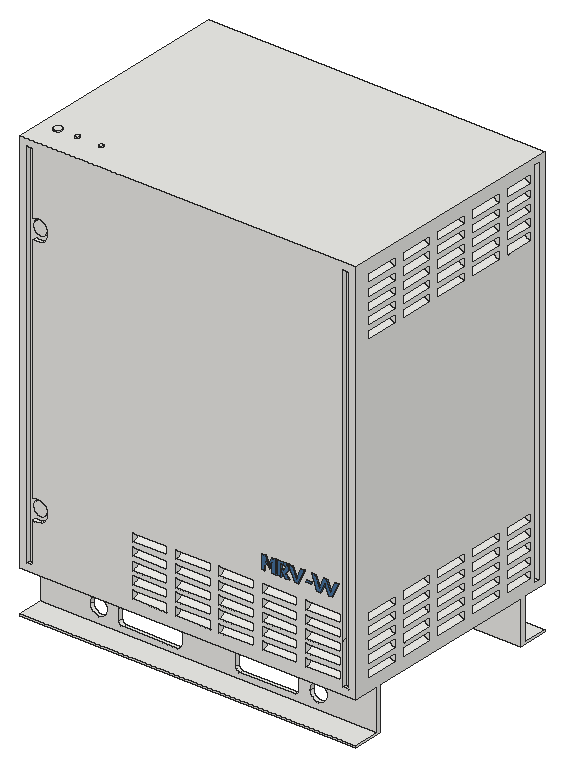
Revit family "bimlib_narujnyeblokisistemakondicionirovaniya_mrv-w_haier", category Оборудование, Revit 2020
Family settings
  Размер круглого соединителя = Использовать диаметр
  Тип детали = Нормальный
  На основе рабочей плоскости = Нет
  Всегда вертикально = Да
  При загрузке вырезать с полостями = Нет
  Общий = Нет
  Точка расчета площади = Нет
Parameters (values of type "AV08IMWEWA_8HP_HAIER")
  Тип компрессора = "DC INV. СПИРАЛ."  # constant formula
  Тип хладагента = "R410A"  # constant formula
  Рабочий диапазон воды_Охлаждение-Обогрев = "7 ~ 45"  # constant formula
  Работа на обогрев = no
  Охлаждение_Номинальный ток = 7.2 A
  Охлаждение_Номинальная потребляемая мощность = 4.5 kW
  Охлаждение_Максимальный ток = 20.79 A
  Охлаждение_Максимальная потребляемая мощность = 13 kW
  Отметка по умолчанию = 0.00 mm
  Обогрев_Номинальный ток = 6.64 A
  Обогрев_Максимальный ток = 20.79 A
  Обогрев_Номинальная потребляемая мощность = 4.15 kW
  Обогрев_Максимальная потребляемая мощность = 13 kW
  Частота тока = 50 Hz  # constant formula
  Холодопроизводительность = 22.4 kW
  Теплопроизводительность = 25 kW
  Изготовитель = [ADSK_Завод-изготовитель]  # "Haier Group"
  Звуковое давление = "50"
  Звуковая мощность = "61"
  Заправка хладагента = 2.00 kg  # constant formula
  Диаметр_Масло = 9.52 mm  # constant formula
  Диаметр_Дренаж = 6.35 mm  # constant formula
  Диаметр_Воды = 32.00 mm  # constant formula
  Видимость_Зона обслуживания [instance] = no
  Watermark [instance] = "Модели защищены уникальным кодом"
  URL = "www.haier.com"
  HG_Расход масла [instance] = 0.0 L/s
  HG_Расход воды = 1.3 L/s
  Диаметр_Жидкость = 9.52 mm
  Диаметр_Газ = 19.05 mm
  HG_URL поставщика = "https://haierproff.ru"
  BL_Разработано = "support@bimlib.pro"
  BL_BIM library = "https://bimlib.pro/manufacturer/company/23806"
  ADSK_Расход жидкости [instance] = 0.0 L/s
  ADSK_Расход воздуха = 12000.0 m³/h
  ADSK_Размер_Ширина = 775.00 mm  # constant formula
  ADSK_Размер_Глубина = 545.00 mm  # constant formula
  ADSK_Размер_Высота = 995.00 mm  # constant formula
  ADSK_Полная мощность = ADSK_Номинальная мощность / ADSK_Коэффициент мощности  # 4500 VA
  ADSK_Обозначение = "MRV-W"  # constant formula
  ADSK_Номинальная мощность = if(Работа на обогрев, Обогрев_Номинальная потребляемая мощность, Охлаждение_Номинальная потребляемая мощность)  # 4500 W
  ADSK_Напряжение = 400 V
  ADSK_Наименование краткое = "VRF-системы MRV-W, 8HP"
  ADSK_Наименование = "Наружный блок VRF-системы кондиционирования MRV-W, 8HP"
  ADSK_Масса = 172  # constant formula
  ADSK_Коэффициент мощности = 1
  ADSK_Количество фаз = 3
  ADSK_Количество = 1  # constant formula
  ADSK_Код изделия = "AV08IMWEWA"
  ADSK_Классификация нагрузок = ОВК
  ADSK_Завод-изготовитель = "Haier Group"  # constant formula
  ADSK_Единица измерения = "шт."  # constant formula
  ADSK_Группирование = "VRF-системы MRV-W"  # constant formula
  ADSK_Версия Revit = "2017"  # constant formula
  ADSK_URL страницы изделия = "https://haierproff.ru/material/cond/tech/products/multizonalnie_sistemy_vrf/mrv_V"
  ADSK_URL документации изделия = "https://haierproff.ru/material/cond/tech/products/multizonalnie_sistemy_vrf/mrv_V"
Reference planes
  plane 1 "По центру (Вперед/Назад)": y = 0
  plane 2: z = 0
  plane 3 "По центру (Влево/Вправо)": x = 0
  plane 4: x = -387.5
  plane 5: x = 387.5
  plane 6: y = 272.5
  plane 7: y = -272.5
  plane 8: z = 995
  plane 9: z = 100
  plane 10 "1": y = 272.5
  plane 11: x = -287.5
  plane 12: z = 1370.593
  plane 13 "2": z = 210
  plane 14: y = 172.5
  plane 15 "3": z = 350
  plane 16 "4": z = 120
  plane 17: y = -172.5
  plane 18 "5": z = 994
  plane 19: x = -420
  plane 20: x = 420
  plane 21: z = 5
  plane 22: y = 273.5
Forms (mm)
  Extrusion 1, solid, material "BIMLIB_Белый_Haier", detail levels medium+fine
    sketch origin (0, 0, 0) x (1, 0, 0) y (0, 1, 0)
      loop
        line (-387.5, 272.5) -> (-387.5, -272.5) -> (387.5, -272.5) -> (387.5, 272.5) -> (-387.5, 272.5)
    from 0 to 994
  Extrusion 2, void
    sketch origin (0, 0, 0) x (1, 0, 0) y (0, 1, 0)
      loop
        line (-387.5, 202.5) -> (-387.5, -202.5) -> (387.5, -202.5) -> (387.5, 202.5) -> (-387.5, 202.5)
    from 0 to 100
  Extrusion 3, void, detail levels medium+fine
    sketch origin (-387.5, 272.5, 0) x (-1, 0, 0) y (0, 0, -1)
      loop
        line (-785.654, -100) -> (10, -100) -> (10, -5) -> (-785.654, -5) -> (-785.654, -100)
    from 57.57 to 0
  Extrusion 4, void, detail levels medium+fine
    sketch origin (-387.5, 272.5, -45) x (-1, 0, 0) y (0, 0, -1)
      loop
        line (-775, -145) -> (0, -145) -> (0, -50) -> (-775, -50) -> (-775, -145)
    from 483.942 to 545
  Extrusion 5, void
    sketch origin (387.5, -272.5, 0) x (1, 0, 0) y (0, 0, -1)
      loop
        arc (-190, -62.392) -> (-182.929, -59.463) -> (-180, -52.392) r 10
        line (-180, -52.392) -> (-180, -27.392)
        arc (-180, -27.392) -> (-182.929, -20.321) -> (-190, -17.392) r 10
        line (-190, -17.392) -> (-315.997, -17.392)
        arc (-315.997, -17.392) -> (-323.068, -20.321) -> (-325.997, -27.392) r 10
        line (-325.997, -27.392) -> (-325.997, -52.392)
        arc (-325.997, -52.392) -> (-323.068, -59.463) -> (-315.997, -62.392) r 10
        line (-315.997, -62.392) -> (-190, -62.392)
      loop
        circle (-133.805, -39.902) r 20
      loop
        line (-585, -62.392) -> (-459.003, -62.392)
        arc (-459.003, -62.392) -> (-451.932, -59.463) -> (-449.003, -52.392) r 10
        line (-449.003, -52.392) -> (-449.003, -27.392)
        arc (-449.003, -27.392) -> (-451.932, -20.321) -> (-459.003, -17.392) r 10
        line (-459.003, -17.392) -> (-585, -17.392)
        arc (-585, -17.392) -> (-592.071, -20.321) -> (-595, -27.392) r 10
        line (-595, -27.392) -> (-595, -52.392)
        arc (-595, -52.392) -> (-592.071, -59.463) -> (-585, -62.392) r 10
      loop
        circle (-641.195, -39.902) r 20
    from 0 to 545
  Extrusion 6, void
    sketch origin (387.5, 272.5, 634.934) x (1, 0, 0) y (0, 0, 1)
      loop
        line (0, 329.776) -> (-19.333, 329.776)
        arc (-19.333, 329.776) -> (-13.671, 316.105) -> (0, 310.443) r 19.333
        line (0, 310.443) -> (0, 329.776)
    from 40 to 110
  Extrusion 7, void
    sketch origin (387.5, 272.5, 604.934) x (1, 0, 0) y (0, 0, 1)
      loop
        line (0, 329.776) -> (-19.333, 329.776)
        arc (-19.333, 329.776) -> (-13.671, 316.105) -> (0, 310.443) r 19.333
        line (0, 310.443) -> (0, 329.776)
    from 40 to 110
  Extrusion 8, void
    sketch origin (387.5, 272.5, 575.601) x (1, 0, 0) y (0, 0, 1)
      loop
        line (0, 329.776) -> (-19.333, 329.776)
        arc (-19.333, 329.776) -> (-13.671, 316.105) -> (0, 310.443) r 19.333
        line (0, 310.443) -> (0, 329.776)
    from 40 to 110
  Extrusion 9, void
    sketch origin (387.5, 272.5, 546.268) x (1, 0, 0) y (0, 0, 1)
      loop
        line (0, 329.776) -> (-19.333, 329.776)
        arc (-19.333, 329.776) -> (-13.671, 316.105) -> (0, 310.443) r 19.333
        line (0, 310.443) -> (0, 329.776)
    from 40 to 110
  Extrusion 10, void, detail levels fine
    sketch origin (387.5, 272.5, 516.935) x (1, 0, 0) y (0, 0, 1)
      loop
        line (0, 329.776) -> (-19.333, 329.776)
        arc (-19.333, 329.776) -> (-13.671, 316.105) -> (0, 310.443) r 19.333
        line (0, 310.443) -> (0, 329.776)
    from 40 to 110
  Extrusion 11, void
    sketch origin (387.5, 272.5, 634.934) x (1, 0, 0) y (0, 0, 1)
      loop
        line (0, 329.776) -> (-19.333, 329.776)
        arc (-19.333, 329.776) -> (-13.671, 316.105) -> (0, 310.443) r 19.333
        line (0, 310.443) -> (0, 329.776)
    from 130 to 210
  Extrusion 12, void
    sketch origin (387.5, 272.5, 604.934) x (1, 0, 0) y (0, 0, 1)
      loop
        line (0, 329.776) -> (-19.333, 329.776)
        arc (-19.333, 329.776) -> (-13.671, 316.105) -> (0, 310.443) r 19.333
        line (0, 310.443) -> (0, 329.776)
    from 130 to 210
  Extrusion 13, void
    sketch origin (387.5, 272.5, 575.601) x (1, 0, 0) y (0, 0, 1)
      loop
        line (0, 329.776) -> (-19.333, 329.776)
        arc (-19.333, 329.776) -> (-13.671, 316.105) -> (0, 310.443) r 19.333
        line (0, 310.443) -> (0, 329.776)
    from 130 to 210
  Extrusion 14, void
    sketch origin (387.5, 272.5, 546.268) x (1, 0, 0) y (0, 0, 1)
      loop
        line (0, 329.776) -> (-19.333, 329.776)
        arc (-19.333, 329.776) -> (-13.671, 316.105) -> (0, 310.443) r 19.333
        line (0, 310.443) -> (0, 329.776)
    from 130 to 210
  Extrusion 15, void
    sketch origin (387.5, 272.5, 516.935) x (1, 0, 0) y (0, 0, 1)
      loop
        line (0, 329.776) -> (-19.333, 329.776)
        arc (-19.333, 329.776) -> (-13.671, 316.105) -> (0, 310.443) r 19.333
        line (0, 310.443) -> (0, 329.776)
    from 130 to 210
  Extrusion 16, void
    sketch origin (387.5, 272.5, 634.934) x (1, 0, 0) y (0, 0, 1)
      loop
        line (0, 329.776) -> (-19.333, 329.776)
        arc (-19.333, 329.776) -> (-13.671, 316.105) -> (0, 310.443) r 19.333
        line (0, 310.443) -> (0, 329.776)
    from 230 to 310
  Extrusion 17, void
    sketch origin (387.5, 272.5, 604.934) x (1, 0, 0) y (0, 0, 1)
      loop
        line (0, 329.776) -> (-19.333, 329.776)
        arc (-19.333, 329.776) -> (-13.671, 316.105) -> (0, 310.443) r 19.333
        line (0, 310.443) -> (0, 329.776)
    from 230 to 310
  Extrusion 18, void
    sketch origin (387.5, 272.5, 575.601) x (1, 0, 0) y (0, 0, 1)
      loop
        line (0, 329.776) -> (-19.333, 329.776)
        arc (-19.333, 329.776) -> (-13.671, 316.105) -> (0, 310.443) r 19.333
        line (0, 310.443) -> (0, 329.776)
    from 230 to 310
  Extrusion 19, void
    sketch origin (387.5, 272.5, 546.268) x (1, 0, 0) y (0, 0, 1)
      loop
        line (0, 329.776) -> (-19.333, 329.776)
        arc (-19.333, 329.776) -> (-13.671, 316.105) -> (0, 310.443) r 19.333
        line (0, 310.443) -> (0, 329.776)
    from 230 to 310
  Extrusion 20, void
    sketch origin (387.5, 272.5, 516.935) x (1, 0, 0) y (0, 0, 1)
      loop
        line (0, 329.776) -> (-19.333, 329.776)
        arc (-19.333, 329.776) -> (-13.671, 316.105) -> (0, 310.443) r 19.333
        line (0, 310.443) -> (0, 329.776)
    from 230 to 310
  Extrusion 21, void
    sketch origin (387.5, 272.5, 634.934) x (1, 0, 0) y (0, 0, 1)
      loop
        line (0, 329.776) -> (-19.333, 329.776)
        arc (-19.333, 329.776) -> (-13.671, 316.105) -> (0, 310.443) r 19.333
        line (0, 310.443) -> (0, 329.776)
    from 330 to 410
  Extrusion 22, void
    sketch origin (387.5, 272.5, 604.934) x (1, 0, 0) y (0, 0, 1)
      loop
        line (0, 329.776) -> (-19.333, 329.776)
        arc (-19.333, 329.776) -> (-13.671, 316.105) -> (0, 310.443) r 19.333
        line (0, 310.443) -> (0, 329.776)
    from 330 to 410
  Extrusion 23, void
    sketch origin (387.5, 272.5, 575.601) x (1, 0, 0) y (0, 0, 1)
      loop
        line (0, 329.776) -> (-19.333, 329.776)
        arc (-19.333, 329.776) -> (-13.671, 316.105) -> (0, 310.443) r 19.333
        line (0, 310.443) -> (0, 329.776)
    from 330 to 410
  Extrusion 24, void
    sketch origin (387.5, 272.5, 546.268) x (1, 0, 0) y (0, 0, 1)
      loop
        line (0, 329.776) -> (-19.333, 329.776)
        arc (-19.333, 329.776) -> (-13.671, 316.105) -> (0, 310.443) r 19.333
        line (0, 310.443) -> (0, 329.776)
    from 330 to 410
  Extrusion 25, void
    sketch origin (387.5, 272.5, 516.935) x (1, 0, 0) y (0, 0, 1)
      loop
        line (0, 329.776) -> (-19.333, 329.776)
        arc (-19.333, 329.776) -> (-13.671, 316.105) -> (0, 310.443) r 19.333
        line (0, 310.443) -> (0, 329.776)
    from 330 to 410
  Extrusion 26, void
    sketch origin (387.5, 272.5, 634.934) x (1, 0, 0) y (0, 0, 1)
      loop
        line (0, 329.776) -> (-19.333, 329.776)
        arc (-19.333, 329.776) -> (-13.671, 316.105) -> (0, 310.443) r 19.333
        line (0, 310.443) -> (0, 329.776)
    from 430 to 510
  Extrusion 27, void
    sketch origin (387.5, 272.5, 604.934) x (1, 0, 0) y (0, 0, 1)
      loop
        line (0, 329.776) -> (-19.333, 329.776)
        arc (-19.333, 329.776) -> (-13.671, 316.105) -> (0, 310.443) r 19.333
        line (0, 310.443) -> (0, 329.776)
    from 430 to 510
  Extrusion 28, void
    sketch origin (387.5, 272.5, 575.601) x (1, 0, 0) y (0, 0, 1)
      loop
        line (0, 329.776) -> (-19.333, 329.776)
        arc (-19.333, 329.776) -> (-13.671, 316.105) -> (0, 310.443) r 19.333
        line (0, 310.443) -> (0, 329.776)
    from 430 to 510
  Extrusion 29, void
    sketch origin (387.5, 272.5, 546.268) x (1, 0, 0) y (0, 0, 1)
      loop
        line (0, 329.776) -> (-19.333, 329.776)
        arc (-19.333, 329.776) -> (-13.671, 316.105) -> (0, 310.443) r 19.333
        line (0, 310.443) -> (0, 329.776)
    from 430 to 510
  Extrusion 30, void
    sketch origin (387.5, 272.5, 516.935) x (1, 0, 0) y (0, 0, 1)
      loop
        line (0, 329.776) -> (-19.333, 329.776)
        arc (-19.333, 329.776) -> (-13.671, 316.105) -> (0, 310.443) r 19.333
        line (0, 310.443) -> (0, 329.776)
    from 430 to 510
  Extrusion 31, void
    sketch origin (387.5, 272.5, -65.066) x (1, 0, 0) y (0, 0, 1)
      loop
        line (0, 329.776) -> (-19.333, 329.776)
        arc (-19.333, 329.776) -> (-13.671, 316.105) -> (0, 310.443) r 19.333
        line (0, 310.443) -> (0, 329.776)
    from 40 to 110
  Extrusion 32, void
    sketch origin (387.5, 272.5, -95.066) x (1, 0, 0) y (0, 0, 1)
      loop
        line (0, 329.776) -> (-19.333, 329.776)
        arc (-19.333, 329.776) -> (-13.671, 316.105) -> (0, 310.443) r 19.333
        line (0, 310.443) -> (0, 329.776)
    from 40 to 110
  Extrusion 33, void
    sketch origin (387.5, 272.5, -124.399) x (1, 0, 0) y (0, 0, 1)
      loop
        line (0, 329.776) -> (-19.333, 329.776)
        arc (-19.333, 329.776) -> (-13.671, 316.105) -> (0, 310.443) r 19.333
        line (0, 310.443) -> (0, 329.776)
    from 40 to 110
  Extrusion 34, void
    sketch origin (387.5, 272.5, -153.732) x (1, 0, 0) y (0, 0, 1)
      loop
        line (0, 329.776) -> (-19.333, 329.776)
        arc (-19.333, 329.776) -> (-13.671, 316.105) -> (0, 310.443) r 19.333
        line (0, 310.443) -> (0, 329.776)
    from 40 to 110
  Extrusion 35, void, detail levels fine
    sketch origin (387.5, 272.5, -183.065) x (1, 0, 0) y (0, 0, 1)
      loop
        line (0, 329.776) -> (-19.333, 329.776)
        arc (-19.333, 329.776) -> (-13.671, 316.105) -> (0, 310.443) r 19.333
        line (0, 310.443) -> (0, 329.776)
    from 40 to 110
  Extrusion 36, void
    sketch origin (387.5, 272.5, -65.066) x (1, 0, 0) y (0, 0, 1)
      loop
        line (0, 329.776) -> (-19.333, 329.776)
        arc (-19.333, 329.776) -> (-13.671, 316.105) -> (0, 310.443) r 19.333
        line (0, 310.443) -> (0, 329.776)
    from 130 to 210
  Extrusion 37, void
    sketch origin (387.5, 272.5, -95.066) x (1, 0, 0) y (0, 0, 1)
      loop
        line (0, 329.776) -> (-19.333, 329.776)
        arc (-19.333, 329.776) -> (-13.671, 316.105) -> (0, 310.443) r 19.333
        line (0, 310.443) -> (0, 329.776)
    from 130 to 210
  Extrusion 38, void
    sketch origin (387.5, 272.5, -124.399) x (1, 0, 0) y (0, 0, 1)
      loop
        line (0, 329.776) -> (-19.333, 329.776)
        arc (-19.333, 329.776) -> (-13.671, 316.105) -> (0, 310.443) r 19.333
        line (0, 310.443) -> (0, 329.776)
    from 130 to 210
  Extrusion 39, void
    sketch origin (387.5, 272.5, -153.732) x (1, 0, 0) y (0, 0, 1)
      loop
        line (0, 329.776) -> (-19.333, 329.776)
        arc (-19.333, 329.776) -> (-13.671, 316.105) -> (0, 310.443) r 19.333
        line (0, 310.443) -> (0, 329.776)
    from 130 to 210
  Extrusion 40, void
    sketch origin (387.5, 272.5, -183.065) x (1, 0, 0) y (0, 0, 1)
      loop
        line (0, 329.776) -> (-19.333, 329.776)
        arc (-19.333, 329.776) -> (-13.671, 316.105) -> (0, 310.443) r 19.333
        line (0, 310.443) -> (0, 329.776)
    from 130 to 210
  Extrusion 41, void
    sketch origin (387.5, 272.5, -65.066) x (1, 0, 0) y (0, 0, 1)
      loop
        line (0, 329.776) -> (-19.333, 329.776)
        arc (-19.333, 329.776) -> (-13.671, 316.105) -> (0, 310.443) r 19.333
        line (0, 310.443) -> (0, 329.776)
    from 230 to 310
  Extrusion 42, void
    sketch origin (387.5, 272.5, -95.066) x (1, 0, 0) y (0, 0, 1)
      loop
        line (0, 329.776) -> (-19.333, 329.776)
        arc (-19.333, 329.776) -> (-13.671, 316.105) -> (0, 310.443) r 19.333
        line (0, 310.443) -> (0, 329.776)
    from 230 to 310
  Extrusion 43, void
    sketch origin (387.5, 272.5, -124.399) x (1, 0, 0) y (0, 0, 1)
      loop
        line (0, 329.776) -> (-19.333, 329.776)
        arc (-19.333, 329.776) -> (-13.671, 316.105) -> (0, 310.443) r 19.333
        line (0, 310.443) -> (0, 329.776)
    from 230 to 310
  Extrusion 44, void
    sketch origin (387.5, 272.5, -153.732) x (1, 0, 0) y (0, 0, 1)
      loop
        line (0, 329.776) -> (-19.333, 329.776)
        arc (-19.333, 329.776) -> (-13.671, 316.105) -> (0, 310.443) r 19.333
        line (0, 310.443) -> (0, 329.776)
    from 230 to 310
  Extrusion 45, void
    sketch origin (387.5, 272.5, -183.065) x (1, 0, 0) y (0, 0, 1)
      loop
        line (0, 329.776) -> (-19.333, 329.776)
        arc (-19.333, 329.776) -> (-13.671, 316.105) -> (0, 310.443) r 19.333
        line (0, 310.443) -> (0, 329.776)
    from 230 to 310
  Extrusion 46, void
    sketch origin (387.5, 272.5, -65.066) x (1, 0, 0) y (0, 0, 1)
      loop
        line (0, 329.776) -> (-19.333, 329.776)
        arc (-19.333, 329.776) -> (-13.671, 316.105) -> (0, 310.443) r 19.333
        line (0, 310.443) -> (0, 329.776)
    from 330 to 410
  Extrusion 47, void
    sketch origin (387.5, 272.5, -95.066) x (1, 0, 0) y (0, 0, 1)
      loop
        line (0, 329.776) -> (-19.333, 329.776)
        arc (-19.333, 329.776) -> (-13.671, 316.105) -> (0, 310.443) r 19.333
        line (0, 310.443) -> (0, 329.776)
    from 330 to 410
  Extrusion 48, void
    sketch origin (387.5, 272.5, -124.399) x (1, 0, 0) y (0, 0, 1)
      loop
        line (0, 329.776) -> (-19.333, 329.776)
        arc (-19.333, 329.776) -> (-13.671, 316.105) -> (0, 310.443) r 19.333
        line (0, 310.443) -> (0, 329.776)
    from 330 to 410
  Extrusion 49, void
    sketch origin (387.5, 272.5, -153.732) x (1, 0, 0) y (0, 0, 1)
      loop
        line (0, 329.776) -> (-19.333, 329.776)
        arc (-19.333, 329.776) -> (-13.671, 316.105) -> (0, 310.443) r 19.333
        line (0, 310.443) -> (0, 329.776)
    from 330 to 410
  Extrusion 50, void
    sketch origin (387.5, 272.5, -183.065) x (1, 0, 0) y (0, 0, 1)
      loop
        line (0, 329.776) -> (-19.333, 329.776)
        arc (-19.333, 329.776) -> (-13.671, 316.105) -> (0, 310.443) r 19.333
        line (0, 310.443) -> (0, 329.776)
    from 330 to 410
  Extrusion 51, void
    sketch origin (387.5, 272.5, -65.066) x (1, 0, 0) y (0, 0, 1)
      loop
        line (0, 329.776) -> (-19.333, 329.776)
        arc (-19.333, 329.776) -> (-13.671, 316.105) -> (0, 310.443) r 19.333
        line (0, 310.443) -> (0, 329.776)
    from 430 to 510
  Extrusion 52, void
    sketch origin (387.5, 272.5, -95.066) x (1, 0, 0) y (0, 0, 1)
      loop
        line (0, 329.776) -> (-19.333, 329.776)
        arc (-19.333, 329.776) -> (-13.671, 316.105) -> (0, 310.443) r 19.333
        line (0, 310.443) -> (0, 329.776)
    from 430 to 510
  Extrusion 53, void
    sketch origin (387.5, 272.5, -124.399) x (1, 0, 0) y (0, 0, 1)
      loop
        line (0, 329.776) -> (-19.333, 329.776)
        arc (-19.333, 329.776) -> (-13.671, 316.105) -> (0, 310.443) r 19.333
        line (0, 310.443) -> (0, 329.776)
    from 430 to 510
  Extrusion 54, void
    sketch origin (387.5, 272.5, -153.732) x (1, 0, 0) y (0, 0, 1)
      loop
        line (0, 329.776) -> (-19.333, 329.776)
        arc (-19.333, 329.776) -> (-13.671, 316.105) -> (0, 310.443) r 19.333
        line (0, 310.443) -> (0, 329.776)
    from 430 to 510
  Extrusion 55, void
    sketch origin (387.5, 272.5, -183.065) x (1, 0, 0) y (0, 0, 1)
      loop
        line (0, 329.776) -> (-19.333, 329.776)
        arc (-19.333, 329.776) -> (-13.671, 316.105) -> (0, 310.443) r 19.333
        line (0, 310.443) -> (0, 329.776)
    from 430 to 510
  Extrusion 56, void
    sketch origin (-157.5, -272.5, -65.066) x (0, -1, 0) y (0, 0, -1)
      loop
        line (0, -329.776) -> (0, -310.443)
        arc (0, -310.443) -> (-13.671, -316.105) -> (-19.333, -329.776) r 19.333
        line (-19.333, -329.776) -> (0, -329.776)
    from 30 to 110
  Extrusion 57, void
    sketch origin (-157.5, -272.5, -95.066) x (0, -1, 0) y (0, 0, -1)
      loop
        line (0, -329.776) -> (0, -310.443)
        arc (0, -310.443) -> (-13.671, -316.105) -> (-19.333, -329.776) r 19.333
        line (-19.333, -329.776) -> (0, -329.776)
    from 30 to 110
  Extrusion 58, void
    sketch origin (-157.5, -272.5, -124.399) x (0, -1, 0) y (0, 0, -1)
      loop
        line (0, -329.776) -> (0, -310.443)
        arc (0, -310.443) -> (-13.671, -316.105) -> (-19.333, -329.776) r 19.333
        line (-19.333, -329.776) -> (0, -329.776)
    from 30 to 110
  Extrusion 59, void
    sketch origin (-157.5, -272.5, -153.732) x (0, -1, 0) y (0, 0, -1)
      loop
        line (0, -329.776) -> (0, -310.443)
        arc (0, -310.443) -> (-13.671, -316.105) -> (-19.333, -329.776) r 19.333
        line (-19.333, -329.776) -> (0, -329.776)
    from 30 to 110
  Extrusion 60, void, detail levels fine
    sketch origin (-157.5, -272.5, -183.065) x (0, -1, 0) y (0, 0, -1)
      loop
        line (0, -329.776) -> (0, -310.443)
        arc (0, -310.443) -> (-13.671, -316.105) -> (-19.333, -329.776) r 19.333
        line (-19.333, -329.776) -> (0, -329.776)
    from 30 to 110
  Extrusion 61, void
    sketch origin (-157.5, -272.5, -65.066) x (0, -1, 0) y (0, 0, -1)
      loop
        line (0, -329.776) -> (0, -310.443)
        arc (0, -310.443) -> (-13.671, -316.105) -> (-19.333, -329.776) r 19.333
        line (-19.333, -329.776) -> (0, -329.776)
    from 130 to 210
  Extrusion 62, void
    sketch origin (-157.5, -272.5, -95.066) x (0, -1, 0) y (0, 0, -1)
      loop
        line (0, -329.776) -> (0, -310.443)
        arc (0, -310.443) -> (-13.671, -316.105) -> (-19.333, -329.776) r 19.333
        line (-19.333, -329.776) -> (0, -329.776)
    from 130 to 210
  Extrusion 63, void
    sketch origin (-157.5, -272.5, -124.399) x (0, -1, 0) y (0, 0, -1)
      loop
        line (0, -329.776) -> (0, -310.443)
        arc (0, -310.443) -> (-13.671, -316.105) -> (-19.333, -329.776) r 19.333
        line (-19.333, -329.776) -> (0, -329.776)
    from 130 to 210
  Extrusion 64, void
    sketch origin (-157.5, -272.5, -153.732) x (0, -1, 0) y (0, 0, -1)
      loop
        line (0, -329.776) -> (0, -310.443)
        arc (0, -310.443) -> (-13.671, -316.105) -> (-19.333, -329.776) r 19.333
        line (-19.333, -329.776) -> (0, -329.776)
    from 130 to 210
  Extrusion 65, void
    sketch origin (-157.5, -272.5, -183.065) x (0, -1, 0) y (0, 0, -1)
      loop
        line (0, -329.776) -> (0, -310.443)
        arc (0, -310.443) -> (-13.671, -316.105) -> (-19.333, -329.776) r 19.333
        line (-19.333, -329.776) -> (0, -329.776)
    from 130 to 210
  Extrusion 66, void
    sketch origin (-157.5, -272.5, -65.066) x (0, -1, 0) y (0, 0, -1)
      loop
        line (0, -329.776) -> (0, -310.443)
        arc (0, -310.443) -> (-13.671, -316.105) -> (-19.333, -329.776) r 19.333
        line (-19.333, -329.776) -> (0, -329.776)
    from 230 to 310
  Extrusion 67, void
    sketch origin (-157.5, -272.5, -95.066) x (0, -1, 0) y (0, 0, -1)
      loop
        line (0, -329.776) -> (0, -310.443)
        arc (0, -310.443) -> (-13.671, -316.105) -> (-19.333, -329.776) r 19.333
        line (-19.333, -329.776) -> (0, -329.776)
    from 230 to 310
  Extrusion 68, void
    sketch origin (-157.5, -272.5, -124.399) x (0, -1, 0) y (0, 0, -1)
      loop
        line (0, -329.776) -> (0, -310.443)
        arc (0, -310.443) -> (-13.671, -316.105) -> (-19.333, -329.776) r 19.333
        line (-19.333, -329.776) -> (0, -329.776)
    from 230 to 310
  Extrusion 69, void
    sketch origin (-157.5, -272.5, -153.732) x (0, -1, 0) y (0, 0, -1)
      loop
        line (0, -329.776) -> (0, -310.443)
        arc (0, -310.443) -> (-13.671, -316.105) -> (-19.333, -329.776) r 19.333
        line (-19.333, -329.776) -> (0, -329.776)
    from 230 to 310
  Extrusion 70, void
    sketch origin (-157.5, -272.5, -183.065) x (0, -1, 0) y (0, 0, -1)
      loop
        line (0, -329.776) -> (0, -310.443)
        arc (0, -310.443) -> (-13.671, -316.105) -> (-19.333, -329.776) r 19.333
        line (-19.333, -329.776) -> (0, -329.776)
    from 230 to 310
  Extrusion 71, void
    sketch origin (-157.5, -272.5, -65.066) x (0, -1, 0) y (0, 0, -1)
      loop
        line (0, -329.776) -> (0, -310.443)
        arc (0, -310.443) -> (-13.671, -316.105) -> (-19.333, -329.776) r 19.333
        line (-19.333, -329.776) -> (0, -329.776)
    from 330 to 410
  Extrusion 72, void
    sketch origin (-157.5, -272.5, -95.066) x (0, -1, 0) y (0, 0, -1)
      loop
        line (0, -329.776) -> (0, -310.443)
        arc (0, -310.443) -> (-13.671, -316.105) -> (-19.333, -329.776) r 19.333
        line (-19.333, -329.776) -> (0, -329.776)
    from 330 to 410
  Extrusion 73, void
    sketch origin (-157.5, -272.5, -124.399) x (0, -1, 0) y (0, 0, -1)
      loop
        line (0, -329.776) -> (0, -310.443)
        arc (0, -310.443) -> (-13.671, -316.105) -> (-19.333, -329.776) r 19.333
        line (-19.333, -329.776) -> (0, -329.776)
    from 330 to 410
  Extrusion 74, void
    sketch origin (-157.5, -272.5, -153.732) x (0, -1, 0) y (0, 0, -1)
      loop
        line (0, -329.776) -> (0, -310.443)
        arc (0, -310.443) -> (-13.671, -316.105) -> (-19.333, -329.776) r 19.333
        line (-19.333, -329.776) -> (0, -329.776)
    from 330 to 410
  Extrusion 75, void
    sketch origin (-157.5, -272.5, -183.065) x (0, -1, 0) y (0, 0, -1)
      loop
        line (0, -329.776) -> (0, -310.443)
        arc (0, -310.443) -> (-13.671, -316.105) -> (-19.333, -329.776) r 19.333
        line (-19.333, -329.776) -> (0, -329.776)
    from 330 to 410
  Extrusion 76, void
    sketch origin (-157.5, -272.5, -65.066) x (0, -1, 0) y (0, 0, -1)
      loop
        line (0, -329.776) -> (0, -310.443)
        arc (0, -310.443) -> (-13.671, -316.105) -> (-19.333, -329.776) r 19.333
        line (-19.333, -329.776) -> (0, -329.776)
    from 430 to 510
  Extrusion 77, void
    sketch origin (-157.5, -272.5, -95.066) x (0, -1, 0) y (0, 0, -1)
      loop
        line (0, -329.776) -> (0, -310.443)
        arc (0, -310.443) -> (-13.671, -316.105) -> (-19.333, -329.776) r 19.333
        line (-19.333, -329.776) -> (0, -329.776)
    from 430 to 510
  Extrusion 78, void
    sketch origin (-157.5, -272.5, -124.399) x (0, -1, 0) y (0, 0, -1)
      loop
        line (0, -329.776) -> (0, -310.443)
        arc (0, -310.443) -> (-13.671, -316.105) -> (-19.333, -329.776) r 19.333
        line (-19.333, -329.776) -> (0, -329.776)
    from 430 to 510
  Extrusion 79, void
    sketch origin (-157.5, -272.5, -153.732) x (0, -1, 0) y (0, 0, -1)
      loop
        line (0, -329.776) -> (0, -310.443)
        arc (0, -310.443) -> (-13.671, -316.105) -> (-19.333, -329.776) r 19.333
        line (-19.333, -329.776) -> (0, -329.776)
    from 430 to 510
  Extrusion 80, void
    sketch origin (-157.5, -272.5, -183.065) x (0, -1, 0) y (0, 0, -1)
      loop
        line (0, -329.776) -> (0, -310.443)
        arc (0, -310.443) -> (-13.671, -316.105) -> (-19.333, -329.776) r 19.333
        line (-19.333, -329.776) -> (0, -329.776)
    from 430 to 510
  Extrusion 81, void
    sketch origin (-387.5, 272.5, 634.934) x (-1, 0, 0) y (0, 0, -1)
      loop
        line (0, -329.776) -> (0, -310.443)
        arc (0, -310.443) -> (-13.671, -316.105) -> (-19.333, -329.776) r 19.333
        line (-19.333, -329.776) -> (0, -329.776)
    from 40 to 110
  Extrusion 82, void
    sketch origin (-387.5, 272.5, 604.934) x (-1, 0, 0) y (0, 0, -1)
      loop
        line (0, -329.776) -> (0, -310.443)
        arc (0, -310.443) -> (-13.671, -316.105) -> (-19.333, -329.776) r 19.333
        line (-19.333, -329.776) -> (0, -329.776)
    from 40 to 110
  Extrusion 83, void
    sketch origin (-387.5, 272.5, 575.601) x (-1, 0, 0) y (0, 0, -1)
      loop
        line (0, -329.776) -> (0, -310.443)
        arc (0, -310.443) -> (-13.671, -316.105) -> (-19.333, -329.776) r 19.333
        line (-19.333, -329.776) -> (0, -329.776)
    from 40 to 110
  Extrusion 84, void
    sketch origin (-387.5, 272.5, 546.268) x (-1, 0, 0) y (0, 0, -1)
      loop
        line (0, -329.776) -> (0, -310.443)
        arc (0, -310.443) -> (-13.671, -316.105) -> (-19.333, -329.776) r 19.333
        line (-19.333, -329.776) -> (0, -329.776)
    from 40 to 110
  Extrusion 85, void, detail levels fine
    sketch origin (-387.5, 272.5, 516.935) x (-1, 0, 0) y (0, 0, -1)
      loop
        line (0, -329.776) -> (0, -310.443)
        arc (0, -310.443) -> (-13.671, -316.105) -> (-19.333, -329.776) r 19.333
        line (-19.333, -329.776) -> (0, -329.776)
    from 40 to 110
  Extrusion 86, void
    sketch origin (-387.5, 272.5, 634.934) x (-1, 0, 0) y (0, 0, -1)
      loop
        line (0, -329.776) -> (0, -310.443)
        arc (0, -310.443) -> (-13.671, -316.105) -> (-19.333, -329.776) r 19.333
        line (-19.333, -329.776) -> (0, -329.776)
    from 130 to 210
  Extrusion 87, void
    sketch origin (-387.5, 272.5, 604.934) x (-1, 0, 0) y (0, 0, -1)
      loop
        line (0, -329.776) -> (0, -310.443)
        arc (0, -310.443) -> (-13.671, -316.105) -> (-19.333, -329.776) r 19.333
        line (-19.333, -329.776) -> (0, -329.776)
    from 130 to 210
  Extrusion 88, void
    sketch origin (-387.5, 272.5, 575.601) x (-1, 0, 0) y (0, 0, -1)
      loop
        line (0, -329.776) -> (0, -310.443)
        arc (0, -310.443) -> (-13.671, -316.105) -> (-19.333, -329.776) r 19.333
        line (-19.333, -329.776) -> (0, -329.776)
    from 130 to 210
  Extrusion 89, void
    sketch origin (-387.5, 272.5, 546.268) x (-1, 0, 0) y (0, 0, -1)
      loop
        line (0, -329.776) -> (0, -310.443)
        arc (0, -310.443) -> (-13.671, -316.105) -> (-19.333, -329.776) r 19.333
        line (-19.333, -329.776) -> (0, -329.776)
    from 130 to 210
  Extrusion 90, void
    sketch origin (-387.5, 272.5, 516.935) x (-1, 0, 0) y (0, 0, -1)
      loop
        line (0, -329.776) -> (0, -310.443)
        arc (0, -310.443) -> (-13.671, -316.105) -> (-19.333, -329.776) r 19.333
        line (-19.333, -329.776) -> (0, -329.776)
    from 130 to 210
  Extrusion 91, void
    sketch origin (-387.5, 272.5, 634.934) x (-1, 0, 0) y (0, 0, -1)
      loop
        line (0, -329.776) -> (0, -310.443)
        arc (0, -310.443) -> (-13.671, -316.105) -> (-19.333, -329.776) r 19.333
        line (-19.333, -329.776) -> (0, -329.776)
    from 230 to 310
  Extrusion 92, void
    sketch origin (-387.5, 272.5, 604.934) x (-1, 0, 0) y (0, 0, -1)
      loop
        line (0, -329.776) -> (0, -310.443)
        arc (0, -310.443) -> (-13.671, -316.105) -> (-19.333, -329.776) r 19.333
        line (-19.333, -329.776) -> (0, -329.776)
    from 230 to 310
  Extrusion 93, void
    sketch origin (-387.5, 272.5, 575.601) x (-1, 0, 0) y (0, 0, -1)
      loop
        line (0, -329.776) -> (0, -310.443)
        arc (0, -310.443) -> (-13.671, -316.105) -> (-19.333, -329.776) r 19.333
        line (-19.333, -329.776) -> (0, -329.776)
    from 230 to 310
  Extrusion 94, void
    sketch origin (-387.5, 272.5, 546.268) x (-1, 0, 0) y (0, 0, -1)
      loop
        line (0, -329.776) -> (0, -310.443)
        arc (0, -310.443) -> (-13.671, -316.105) -> (-19.333, -329.776) r 19.333
        line (-19.333, -329.776) -> (0, -329.776)
    from 230 to 310
  Extrusion 95, void
    sketch origin (-387.5, 272.5, 516.935) x (-1, 0, 0) y (0, 0, -1)
      loop
        line (0, -329.776) -> (0, -310.443)
        arc (0, -310.443) -> (-13.671, -316.105) -> (-19.333, -329.776) r 19.333
        line (-19.333, -329.776) -> (0, -329.776)
    from 230 to 310
  Extrusion 96, void
    sketch origin (-387.5, 272.5, 634.934) x (-1, 0, 0) y (0, 0, -1)
      loop
        line (0, -329.776) -> (0, -310.443)
        arc (0, -310.443) -> (-13.671, -316.105) -> (-19.333, -329.776) r 19.333
        line (-19.333, -329.776) -> (0, -329.776)
    from 330 to 410
  Extrusion 97, void
    sketch origin (-387.5, 272.5, 604.934) x (-1, 0, 0) y (0, 0, -1)
      loop
        line (0, -329.776) -> (0, -310.443)
        arc (0, -310.443) -> (-13.671, -316.105) -> (-19.333, -329.776) r 19.333
        line (-19.333, -329.776) -> (0, -329.776)
    from 330 to 410
  Extrusion 98, void
    sketch origin (-387.5, 272.5, 575.601) x (-1, 0, 0) y (0, 0, -1)
      loop
        line (0, -329.776) -> (0, -310.443)
        arc (0, -310.443) -> (-13.671, -316.105) -> (-19.333, -329.776) r 19.333
        line (-19.333, -329.776) -> (0, -329.776)
    from 330 to 410
  Extrusion 99, void
    sketch origin (-387.5, 272.5, 546.268) x (-1, 0, 0) y (0, 0, -1)
      loop
        line (0, -329.776) -> (0, -310.443)
        arc (0, -310.443) -> (-13.671, -316.105) -> (-19.333, -329.776) r 19.333
        line (-19.333, -329.776) -> (0, -329.776)
    from 330 to 410
  Extrusion 100, void
    sketch origin (-387.5, 272.5, 516.935) x (-1, 0, 0) y (0, 0, -1)
      loop
        line (0, -329.776) -> (0, -310.443)
        arc (0, -310.443) -> (-13.671, -316.105) -> (-19.333, -329.776) r 19.333
        line (-19.333, -329.776) -> (0, -329.776)
    from 330 to 410
  Extrusion 101, void
    sketch origin (-387.5, 272.5, 634.934) x (-1, 0, 0) y (0, 0, -1)
      loop
        line (0, -329.776) -> (0, -310.443)
        arc (0, -310.443) -> (-13.671, -316.105) -> (-19.333, -329.776) r 19.333
        line (-19.333, -329.776) -> (0, -329.776)
    from 430 to 510
  Extrusion 102, void
    sketch origin (-387.5, 272.5, 604.934) x (-1, 0, 0) y (0, 0, -1)
      loop
        line (0, -329.776) -> (0, -310.443)
        arc (0, -310.443) -> (-13.671, -316.105) -> (-19.333, -329.776) r 19.333
        line (-19.333, -329.776) -> (0, -329.776)
    from 430 to 510
  Extrusion 103, void
    sketch origin (-387.5, 272.5, 575.601) x (-1, 0, 0) y (0, 0, -1)
      loop
        line (0, -329.776) -> (0, -310.443)
        arc (0, -310.443) -> (-13.671, -316.105) -> (-19.333, -329.776) r 19.333
        line (-19.333, -329.776) -> (0, -329.776)
    from 430 to 510
  Extrusion 104, void
    sketch origin (-387.5, 272.5, 546.268) x (-1, 0, 0) y (0, 0, -1)
      loop
        line (0, -329.776) -> (0, -310.443)
        arc (0, -310.443) -> (-13.671, -316.105) -> (-19.333, -329.776) r 19.333
        line (-19.333, -329.776) -> (0, -329.776)
    from 430 to 510
  Extrusion 105, void
    sketch origin (-387.5, 272.5, 516.935) x (-1, 0, 0) y (0, 0, -1)
      loop
        line (0, -329.776) -> (0, -310.443)
        arc (0, -310.443) -> (-13.671, -316.105) -> (-19.333, -329.776) r 19.333
        line (-19.333, -329.776) -> (0, -329.776)
    from 430 to 510
  Extrusion 106, void
    sketch origin (-387.5, 272.5, -65.066) x (-1, 0, 0) y (0, 0, -1)
      loop
        line (0, -329.776) -> (0, -310.443)
        arc (0, -310.443) -> (-13.671, -316.105) -> (-19.333, -329.776) r 19.333
        line (-19.333, -329.776) -> (0, -329.776)
    from 40 to 110
  Extrusion 107, void
    sketch origin (-387.5, 272.5, -95.066) x (-1, 0, 0) y (0, 0, -1)
      loop
        line (0, -329.776) -> (0, -310.443)
        arc (0, -310.443) -> (-13.671, -316.105) -> (-19.333, -329.776) r 19.333
        line (-19.333, -329.776) -> (0, -329.776)
    from 40 to 110
  Extrusion 108, void
    sketch origin (-387.5, 272.5, -124.399) x (-1, 0, 0) y (0, 0, -1)
      loop
        line (0, -329.776) -> (0, -310.443)
        arc (0, -310.443) -> (-13.671, -316.105) -> (-19.333, -329.776) r 19.333
        line (-19.333, -329.776) -> (0, -329.776)
    from 40 to 110
  Extrusion 109, void
    sketch origin (-387.5, 272.5, -153.732) x (-1, 0, 0) y (0, 0, -1)
      loop
        line (0, -329.776) -> (0, -310.443)
        arc (0, -310.443) -> (-13.671, -316.105) -> (-19.333, -329.776) r 19.333
        line (-19.333, -329.776) -> (0, -329.776)
    from 40 to 110
  Extrusion 110, void, detail levels fine
    sketch origin (-387.5, 272.5, -183.065) x (-1, 0, 0) y (0, 0, -1)
      loop
        line (0, -329.776) -> (0, -310.443)
        arc (0, -310.443) -> (-13.671, -316.105) -> (-19.333, -329.776) r 19.333
        line (-19.333, -329.776) -> (0, -329.776)
    from 40 to 110
  Extrusion 111, void
    sketch origin (-387.5, 272.5, -65.066) x (-1, 0, 0) y (0, 0, -1)
      loop
        line (0, -329.776) -> (0, -310.443)
        arc (0, -310.443) -> (-13.671, -316.105) -> (-19.333, -329.776) r 19.333
        line (-19.333, -329.776) -> (0, -329.776)
    from 130 to 210
  Extrusion 112, void
    sketch origin (-387.5, 272.5, -95.066) x (-1, 0, 0) y (0, 0, -1)
      loop
        line (0, -329.776) -> (0, -310.443)
        arc (0, -310.443) -> (-13.671, -316.105) -> (-19.333, -329.776) r 19.333
        line (-19.333, -329.776) -> (0, -329.776)
    from 130 to 210
  Extrusion 113, void
    sketch origin (-387.5, 272.5, -124.399) x (-1, 0, 0) y (0, 0, -1)
      loop
        line (0, -329.776) -> (0, -310.443)
        arc (0, -310.443) -> (-13.671, -316.105) -> (-19.333, -329.776) r 19.333
        line (-19.333, -329.776) -> (0, -329.776)
    from 130 to 210
  Extrusion 114, void
    sketch origin (-387.5, 272.5, -153.732) x (-1, 0, 0) y (0, 0, -1)
      loop
        line (0, -329.776) -> (0, -310.443)
        arc (0, -310.443) -> (-13.671, -316.105) -> (-19.333, -329.776) r 19.333
        line (-19.333, -329.776) -> (0, -329.776)
    from 130 to 210
  Extrusion 115, void
    sketch origin (-387.5, 272.5, -183.065) x (-1, 0, 0) y (0, 0, -1)
      loop
        line (0, -329.776) -> (0, -310.443)
        arc (0, -310.443) -> (-13.671, -316.105) -> (-19.333, -329.776) r 19.333
        line (-19.333, -329.776) -> (0, -329.776)
    from 130 to 210
  Extrusion 116, void
    sketch origin (-387.5, 272.5, -65.066) x (-1, 0, 0) y (0, 0, -1)
      loop
        line (0, -329.776) -> (0, -310.443)
        arc (0, -310.443) -> (-13.671, -316.105) -> (-19.333, -329.776) r 19.333
        line (-19.333, -329.776) -> (0, -329.776)
    from 230 to 310
  Extrusion 117, void
    sketch origin (-387.5, 272.5, -95.066) x (-1, 0, 0) y (0, 0, -1)
      loop
        line (0, -329.776) -> (0, -310.443)
        arc (0, -310.443) -> (-13.671, -316.105) -> (-19.333, -329.776) r 19.333
        line (-19.333, -329.776) -> (0, -329.776)
    from 230 to 310
  Extrusion 118, void
    sketch origin (-387.5, 272.5, -124.399) x (-1, 0, 0) y (0, 0, -1)
      loop
        line (0, -329.776) -> (0, -310.443)
        arc (0, -310.443) -> (-13.671, -316.105) -> (-19.333, -329.776) r 19.333
        line (-19.333, -329.776) -> (0, -329.776)
    from 230 to 310
  Extrusion 119, void
    sketch origin (-387.5, 272.5, -153.732) x (-1, 0, 0) y (0, 0, -1)
      loop
        line (0, -329.776) -> (0, -310.443)
        arc (0, -310.443) -> (-13.671, -316.105) -> (-19.333, -329.776) r 19.333
        line (-19.333, -329.776) -> (0, -329.776)
    from 230 to 310
  Extrusion 120, void
    sketch origin (-387.5, 272.5, -183.065) x (-1, 0, 0) y (0, 0, -1)
      loop
        line (0, -329.776) -> (0, -310.443)
        arc (0, -310.443) -> (-13.671, -316.105) -> (-19.333, -329.776) r 19.333
        line (-19.333, -329.776) -> (0, -329.776)
    from 230 to 310
  Extrusion 121, void
    sketch origin (-387.5, 272.5, -65.066) x (-1, 0, 0) y (0, 0, -1)
      loop
        line (0, -329.776) -> (0, -310.443)
        arc (0, -310.443) -> (-13.671, -316.105) -> (-19.333, -329.776) r 19.333
        line (-19.333, -329.776) -> (0, -329.776)
    from 330 to 410
  Extrusion 122, void
    sketch origin (-387.5, 272.5, -95.066) x (-1, 0, 0) y (0, 0, -1)
      loop
        line (0, -329.776) -> (0, -310.443)
        arc (0, -310.443) -> (-13.671, -316.105) -> (-19.333, -329.776) r 19.333
        line (-19.333, -329.776) -> (0, -329.776)
    from 330 to 410
  Extrusion 123, void
    sketch origin (-387.5, 272.5, -124.399) x (-1, 0, 0) y (0, 0, -1)
      loop
        line (0, -329.776) -> (0, -310.443)
        arc (0, -310.443) -> (-13.671, -316.105) -> (-19.333, -329.776) r 19.333
        line (-19.333, -329.776) -> (0, -329.776)
    from 330 to 410
  Extrusion 124, void
    sketch origin (-387.5, 272.5, -153.732) x (-1, 0, 0) y (0, 0, -1)
      loop
        line (0, -329.776) -> (0, -310.443)
        arc (0, -310.443) -> (-13.671, -316.105) -> (-19.333, -329.776) r 19.333
        line (-19.333, -329.776) -> (0, -329.776)
    from 330 to 410
  Extrusion 125, void
    sketch origin (-387.5, 272.5, -183.065) x (-1, 0, 0) y (0, 0, -1)
      loop
        line (0, -329.776) -> (0, -310.443)
        arc (0, -310.443) -> (-13.671, -316.105) -> (-19.333, -329.776) r 19.333
        line (-19.333, -329.776) -> (0, -329.776)
    from 330 to 410
  Extrusion 126, void
    sketch origin (-387.5, 272.5, -65.066) x (-1, 0, 0) y (0, 0, -1)
      loop
        line (0, -329.776) -> (0, -310.443)
        arc (0, -310.443) -> (-13.671, -316.105) -> (-19.333, -329.776) r 19.333
        line (-19.333, -329.776) -> (0, -329.776)
    from 430 to 510
  Extrusion 127, void
    sketch origin (-387.5, 272.5, -95.066) x (-1, 0, 0) y (0, 0, -1)
      loop
        line (0, -329.776) -> (0, -310.443)
        arc (0, -310.443) -> (-13.671, -316.105) -> (-19.333, -329.776) r 19.333
        line (-19.333, -329.776) -> (0, -329.776)
    from 430 to 510
  Extrusion 128, void
    sketch origin (-387.5, 272.5, -124.399) x (-1, 0, 0) y (0, 0, -1)
      loop
        line (0, -329.776) -> (0, -310.443)
        arc (0, -310.443) -> (-13.671, -316.105) -> (-19.333, -329.776) r 19.333
        line (-19.333, -329.776) -> (0, -329.776)
    from 430 to 510
  Extrusion 129, void
    sketch origin (-387.5, 272.5, -153.732) x (-1, 0, 0) y (0, 0, -1)
      loop
        line (0, -329.776) -> (0, -310.443)
        arc (0, -310.443) -> (-13.671, -316.105) -> (-19.333, -329.776) r 19.333
        line (-19.333, -329.776) -> (0, -329.776)
    from 430 to 510
  Extrusion 130, void
    sketch origin (-387.5, 272.5, -183.065) x (-1, 0, 0) y (0, 0, -1)
      loop
        line (0, -329.776) -> (0, -310.443)
        arc (0, -310.443) -> (-13.671, -316.105) -> (-19.333, -329.776) r 19.333
        line (-19.333, -329.776) -> (0, -329.776)
    from 430 to 510
  Extrusion 131, void
    sketch origin (387.5, -272.5, 0) x (1, 0, 0) y (0, 0, -1)
      loop
        line (-760, -979) -> (-745, -979) -> (-745, -835.318)
        arc (-745, -835.318) -> (-710, -812.405) -> (-745, -789.492) r 25
        line (-745, -789.492) -> (-745, -255.318)
        arc (-745, -255.318) -> (-710, -232.405) -> (-745, -209.492) r 25
        line (-745, -209.492) -> (-745, -115) -> (-760, -115) -> (-760, -979)
      loop
        line (-15, -979) -> (-15, -115) -> (-30, -115) -> (-30, -209.492) -> (-30, -979) -> (-15, -979)
    from 0 to 10
  Extrusion 132, void
    sketch origin (387.5, 272.5, 0) x (0, 1, 0) y (0, 0, -1)
      loop
        line (-15, -115) -> (-30, -115) -> (-30, -979) -> (-15, -979) -> (-15, -115)
    from 0 to 250
  Extrusion 133, void
    sketch origin (-387.5, -272.5, 0) x (0, -1, 0) y (0, 0, -1)
      loop
        line (-530, -979) -> (-515, -979) -> (-515, -115) -> (-530, -115) -> (-530, -979)
    from 0 to 250
  Extrusion 134, solid, material "BIMLIB_Белый_Haier", detail levels fine
    sketch origin (0, 0, 994) x (1, 0, 0) y (0, 1, 0)
      loop
        circle (-249.241, -211.088) r 4.76
    from 0 to 1
  Extrusion 135, solid, material "BIMLIB_Белый_Haier", detail levels fine
    sketch origin (-55, 0, 994) x (1, 0, 0) y (0, 1, 0)
      loop
        circle (-249.241, -211.088) r 4.76
    from 0 to 1
  Extrusion 136, solid, material "BIMLIB_Белый_Haier", detail levels fine
    sketch origin (-100, 0, 994) x (1, 0, 0) y (0, 1, 0)
      loop
        circle (-249.241, -211.088) r 9.525
    from 0 to 1
  Extrusion 137, solid, material "BIMLIB_Белый_Haier", detail levels fine
    sketch origin (387.5, -262.5, 0) x (-1, 0, 0) y (0, 0, -1)
      loop
        circle (734.03, -813.575) r 16
    from 0 to 1
  Extrusion 138, solid, material "BIMLIB_Белый_Haier", detail levels fine
    sketch origin (387.5, -262.5, -580) x (-1, 0, 0) y (0, 0, -1)
      loop
        circle (734.03, -813.575) r 16
    from 0 to 1
  Extrusion 139, solid, material "BIMLIB_Белый_Haier", detail levels fine
    sketch origin (0, 0, 100) x (0, 1, 0) y (1, 0, 0)
      loop
        circle (-137.5, -302.5) r 3.175
    from 0 to 1
Cuts and joins
  Extrusion 2, Extrusion 3, Extrusion 4, Extrusion 5, Extrusion 6, Extrusion 7, Extrusion 8, Extrusion 9, Extrusion 10, Extrusion 11, Extrusion 12, Extrusion 13, Extrusion 14, Extrusion 15, Extrusion 16, Extrusion 17, Extrusion 18, Extrusion 19, Extrusion 20, Extrusion 21, Extrusion 22, Extrusion 23, Extrusion 24, Extrusion 25, Extrusion 26, Extrusion 27, Extrusion 28, Extrusion 29, Extrusion 30, Extrusion 31, Extrusion 32, Extrusion 33, Extrusion 34, Extrusion 35, Extrusion 36, Extrusion 37, Extrusion 38, Extrusion 39, Extrusion 40, Extrusion 41, Extrusion 42, Extrusion 43, Extrusion 44, Extrusion 45, Extrusion 46, Extrusion 47, Extrusion 48, Extrusion 49, Extrusion 50, Extrusion 51, Extrusion 52, Extrusion 53, Extrusion 54, Extrusion 55, Extrusion 56, Extrusion 57, Extrusion 58, Extrusion 59, Extrusion 60, Extrusion 61, Extrusion 62, Extrusion 63, Extrusion 64, Extrusion 65, Extrusion 66, Extrusion 67, Extrusion 68, Extrusion 69, Extrusion 70, Extrusion 71, Extrusion 72, Extrusion 73, Extrusion 74, Extrusion 75, Extrusion 76, Extrusion 77, Extrusion 78, Extrusion 79, Extrusion 80, Extrusion 81, Extrusion 82, Extrusion 83, Extrusion 84, Extrusion 85, Extrusion 86, Extrusion 87, Extrusion 88, Extrusion 89, Extrusion 90, Extrusion 91, Extrusion 92, Extrusion 93, Extrusion 94, Extrusion 95, Extrusion 96, Extrusion 97, Extrusion 98, Extrusion 99, Extrusion 100, Extrusion 101, Extrusion 102, Extrusion 103, Extrusion 104, Extrusion 105, Extrusion 106, Extrusion 107, Extrusion 108, Extrusion 109, Extrusion 110, Extrusion 111, Extrusion 112, Extrusion 113, Extrusion 114, Extrusion 115, Extrusion 116, Extrusion 117, Extrusion 118, Extrusion 119, Extrusion 120, Extrusion 121, Extrusion 122, Extrusion 123, Extrusion 124, Extrusion 125, Extrusion 126, Extrusion 127, Extrusion 128, Extrusion 129, Extrusion 130, Extrusion 131, Extrusion 132, Extrusion 133 cuts Extrusion 1
Lines and regions (mm)
  Masking region 1, detail levels coarse
    outline origin (0, 0, 0) x (1, 0, 0) y (0, 1, 0)
      loop
        line (-387.5, 272.5) -> (-387.5, -272.5) -> (387.5, -272.5) -> (387.5, 272.5) -> (-387.5, 272.5)
  model lines, detail levels medium+fine
    curve 1: line (-387.5, 272.5, 0) -> (387.5, 272.5, 0)
    curve 11: line (-387.5, -272.5, 0) -> (387.5, -272.5, 0)
  model lines, style "УГО", detail levels coarse
    curve 2: line (-387.5, 272.5, 994) -> (-387.5, 272.5, 0)
    curve 3: line (-387.5, 272.5, 0) -> (387.5, 272.5, 0)
    curve 4: line (387.5, 272.5, 0) -> (387.5, 272.5, 994)
    curve 5: line (387.5, -272.5, 0) -> (387.5, 272.5, 0)
    curve 6: line (387.5, -272.5, 0) -> (387.5, -272.5, 994)
    curve 7: line (-387.5, -272.5, 994) -> (-387.5, -272.5, 0)
    curve 8: line (-387.5, -272.5, 0) -> (387.5, -272.5, 0)
    curve 9: line (-387.5, 272.5, 0) -> (-387.5, -272.5, 0)
    curve 10: line (-387.5, 272.5, 0) -> (-387.5, -272.5, 0)
    curve 16: line (387.5, 272.5, 994) -> (-387.5, 272.5, 994)
    curve 17: line (-387.5, 272.5, 994) -> (-387.5, -272.5, 994)
    curve 18: line (-387.5, -272.5, 994) -> (387.5, -272.5, 994)
    curve 19: line (387.5, -272.5, 994) -> (387.5, 272.5, 994)
  symbolic lines, style "УГО"
    curve 12: line (-387.5, 272.5, 0) -> (387.5, 272.5, 0)
    curve 13: line (387.5, 272.5, 0) -> (387.5, -272.5, 0)
    curve 14: line (387.5, -272.5, 0) -> (-387.5, -272.5, 0)
    curve 15: line (-387.5, -272.5, 0) -> (-387.5, 272.5, 0)
  model lines, style "УГО", detail levels medium+fine
    curve 20: line (-387.5, 272.5, 979) -> (-387.5, -272.5, 979)
    curve 21: line (-387.5, 242.5, 979) -> (-387.5, 242.5, 100)
    curve 22: line (-357.5, -272.5, 115) -> (-357.5, -272.5, 100)
    curve 23: line (387.5, -272.5, 979) -> (-387.5, -272.5, 979)
    curve 24: line (357.5, -272.5, 979) -> (357.5, -272.5, 100)
    curve 25: line (387.5, 242.5, 979) -> (387.5, 242.5, 100)
    curve 26: line (387.5, -272.5, 979) -> (387.5, 272.5, 979)
    curve 27: line (-387.5, 272.5, 979) -> (387.5, 272.5, 979)
    curve 28: line (-232.5, -272.5, 979) -> (-232.5, -272.5, 994)
    curve 29: line (-232.5, -272.5, 994) -> (-232.5, -137.5, 994)
    curve 30: line (-232.5, -137.5, 994) -> (-372.5, -137.5, 994)
    curve 31: line (-372.5, -137.5, 994) -> (-372.5, -272.5, 994)
    curve 32: line (-372.5, -272.5, 979) -> (-372.5, -272.5, 994)
Dimensions and locks
  "ADSK_Размер_Ширина": plane 4 to plane 5
  "ADSK_Размер_Глубина": plane 6 to plane 7
  "ADSK_Размер_Высота": level to plane 8
  equal spacing: plane 6, plane 1 "По центру (Вперед/Назад)", plane 7
  equal spacing: plane 4, plane 3 "По центру (Влево/Вправо)", plane 5
  locked: level to plane 9 at 100
  locked: plane 11 to plane 4 at 100
  level to plane 13 "2" = 210.00 mm
  locked: plane 6 to plane 14 at 100
  plane 13 "2" to plane 15 "3" = 140.00 mm
  plane 16 "4" to plane 9 = 20.00 mm
  plane 14 to plane 6 = 100.00 mm
  plane 7 to plane 17 = 100.00 mm
  plane 18 "5" to plane 8 = 1.00 mm
  plane 21 to level = 5.00 mm
  locked: plane 22 to plane 10 "1" at 1
  cut or joined group 1 (Extrusion 1, Extrusion 2, Extrusion 3, Extrusion 4, Extrusion 5, Extrusion 6, Extrusion 7, Extrusion 8, Extrusion 9, Extrusion 10, Extrusion 11, Extrusion 12, Extrusion 13, Extrusion 14, Extrusion 15, Extrusion 16, Extrusion 17, Extrusion 18, Extrusion 19, Extrusion 20, Extrusion 21, Extrusion 22, Extrusion 23, Extrusion 24, Extrusion 25, Extrusion 26, Extrusion 27, Extrusion 28, Extrusion 29, Extrusion 30, Extrusion 31, Extrusion 32, Extrusion 33, Extrusion 34, Extrusion 35, Extrusion 36, Extrusion 37, Extrusion 38, Extrusion 39, Extrusion 40, Extrusion 41, Extrusion 42, Extrusion 43, Extrusion 44, Extrusion 45, Extrusion 46, Extrusion 47, Extrusion 48, Extrusion 49, Extrusion 50, Extrusion 51, Extrusion 52, Extrusion 53, Extrusion 54, Extrusion 55, Extrusion 56, Extrusion 57, Extrusion 58, Extrusion 59, Extrusion 60, Extrusion 61, Extrusion 62, Extrusion 63, Extrusion 64, Extrusion 65, Extrusion 66, Extrusion 67, Extrusion 68, Extrusion 69, Extrusion 70, Extrusion 71, Extrusion 72, Extrusion 73, Extrusion 74, Extrusion 75, Extrusion 76, Extrusion 77, Extrusion 78, Extrusion 79, Extrusion 80, Extrusion 81, Extrusion 82, Extrusion 83, Extrusion 84, Extrusion 85, Extrusion 86, Extrusion 87, Extrusion 88, Extrusion 89, Extrusion 90, Extrusion 91, Extrusion 92, Extrusion 93, Extrusion 94, Extrusion 95, Extrusion 96, Extrusion 97, Extrusion 98, Extrusion 99, Extrusion 100, Extrusion 101, Extrusion 102, Extrusion 103, Extrusion 104, Extrusion 105, Extrusion 106, Extrusion 107, Extrusion 108, Extrusion 109, Extrusion 110, Extrusion 111, Extrusion 112, Extrusion 113, Extrusion 114, Extrusion 115, Extrusion 116, Extrusion 117, Extrusion 118, Extrusion 119, Extrusion 120, Extrusion 121, Extrusion 122, Extrusion 123, Extrusion 124, Extrusion 125, Extrusion 126, Extrusion 127, Extrusion 128, Extrusion 129, Extrusion 130, Extrusion 131, Extrusion 132, Extrusion 133) to Extrusion 131 sketch curve = 15.00 mm  (x2)
  Extrusion 131 sketch curve to cut or joined group 1 = 15.00 mm
  cut or joined group 1 to Extrusion 132 sketch curve = 15.00 mm  (x2)
